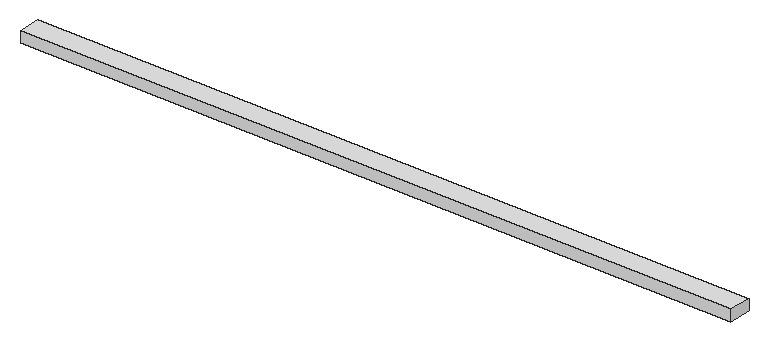
Revit family "11-TRIMBOARD-AND-STEALTH-TRIM-CADS-83-1-X-2-4-REVIT_Versatex-Generic-Model-1in-x-2in-TRIMBOARD", category Generic Models, host Face, Revit 2026
Family settings
  Host = Face
  Can host rebar = No
  Round Connector Dimension = Use Diameter
  Part Type = Normal
  Cut with Voids When Loaded = No
  Maintain Annotation Orientation = No
  Shared = No
  Room Calculation Point = No
Parameters
  Model = "TBSM/TR010218"
  Length = 4' - 0"
  Warranty = "https://versatex.com/warranty/"
  URL = "https://versatex.com/"
  Specification = "https://www.arcat.com/company/versatex-45716/spec?coid=45716"
  Sales Information = "https://versatex.com/dealer-locator/"
  Message Manufacturer = "https://versatex.com/contact/"
  Material = Versatex PVC - Smooth
  Manufacturer Website = "https://versatex.com/"
  Manufacturer Phone = "724-857-1111"
  Manufacturer Fax = "724-857-1171"
  Manufacturer Address = "400 Steel Street, Aliquippa, PA 15001"
  Manufacturer = "Versatex"
  Literature = "https://versatex.com/literature/?_sft_literature_category=cads"
  Description = "NOMINAL 1” x 2” TRIMBOARD"
  Default Elevation = 4' - 0"
  Copyright = "© 2024 VERSATEX Building Products, LLC"
Reference planes (in)
  plane 1 "Center (Front/Back)": y = 0
  plane 2: z = 0
  plane 3 "Center (Left/Right)": x = 0
  plane 4: x = 24
  plane 5: x = -24
Forms (in)
  Sweep 1, solid, material "Versatex PVC - Smooth" <- "Material"
    path origin (0, 0, 0) x (1, 0, 0) y (0, 1, 0)
      loop
        line (-24, 0) -> (24, 0)
    profile "Versatex_Profile_1” x 2” TRIMBOARD : Versatex_Profile_1” x 2” TRIMBOARD" origin (0, 0, 0) x (0, 1, 0) y (0, 0, 1)
      loop
        line (0, 0) -> (1.5, 0) -> (1.5, 0.75) -> (0, 0.75) -> (0, 0)
Dimensions and locks (in)
  "Length": plane 5 to plane 4
  equal spacing: plane 5, plane 3 "Center (Left/Right)", plane 4, locked at 24 each
  aligned and locked: plane 2 to host face
  aligned and locked: level to host face
Automatic sketch dimensions
  host sketch curve to host sketch curve = 8' - 0"  (x2)
  plane 1 "Center (Front/Back)" to Sweep 1 sketch curve = 0' - 0"
  Sweep 1 sketch curve to plane 5 = 0' - 0"
  Sweep 1 sketch curve to plane 4 = 0' - 0"
